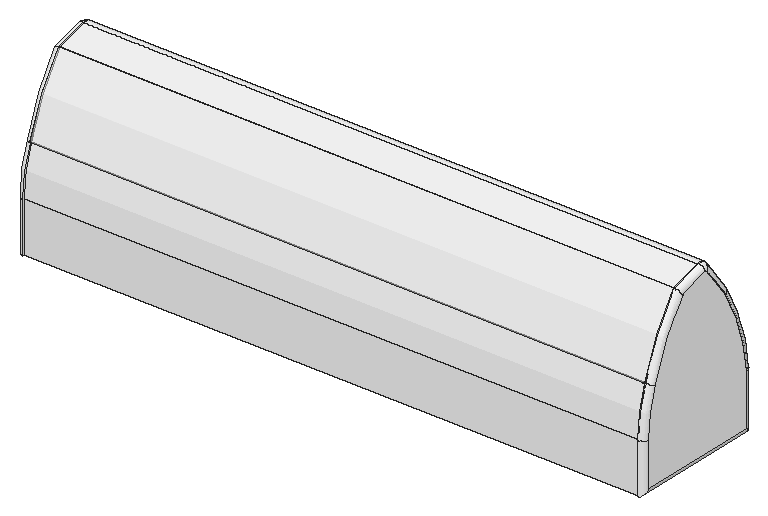
Revit family "EBL", category Lighting Fixtures, host Face, Revit 2021
Family settings
  Host = Face
  Round Connector Dimension = Use Diameter
  Part Type = Normal
  OmniClass Number = 23.80.70.11.11
  OmniClass Title = General Luminaries, Non Directional
  Cut with Voids When Loaded = No
  Light Source = Yes
  Shared = No
  Room Calculation Point = No
Parameters (values of type "EBL2")
  Width = 5.89"
  Wattage Comments = "19W"
  Wattage = 19 W
  Warranty Notes = ""
  Warranty = "• 5 year warranty. \r\nfactory for details"
  built-in parameter 1150110 = 1 (stored number, unit not read)
  URL = "https://www.currentlighting.com/lifeshield"
  Type Comments = "Light Fixture"  # constant formula
  built-in parameter 1114217 = 1 (stored number, unit not read)
  Tilt Angle = 60.00°
  built-in parameter 1150109 = 1 (stored number, unit not read)
  built-in parameter 1150134 = 3
  built-in parameter 1150113 = 1 (stored number, unit not read)
  Steel = Metal-Galvanized_Steel
  Radius = 3.35275"
  Product Page URL = ""
  Product Doucumentation Link = ""
  Photometric Web File = "EBL2-35-WH-120 Downlight Only.ies"
  Model = "Evexia"  # constant formula
  Manufacturer = "Lifeshield"  # constant formula
  built-in parameter 1150105 = -1519848 (stored number, unit not read)
  Lumens = 1919 lm
  built-in parameter 1150115 = 1 (stored number, unit not read)
  built-in parameter 1150137 = (empty or 0)
  built-in parameter 1150139 = (empty or 0)
  Length = 27.47"
  built-in parameter 1150112 = 1 (stored number, unit not read)
  built-in parameter 1150114 = 1 (stored number, unit not read)
  Lamp = "LED"  # constant formula
  Inner Width = 2.80"
  Inner Length = 1.80"
  built-in parameter 1150132 = (empty or 0)
  built-in parameter 1150102 = (empty or 0)
  built-in parameter 1150107 = 3200 (stored number, unit not read)
  built-in parameter 1150138 = (empty or 0)
  built-in parameter 1150106 = -15198.5 (stored number, unit not read)
  Emit from Rectangle Width = 5.00"  # constant formula
  Emit from Rectangle Length = Length  # 27.47"
  Emit Shape Visible in Rendering = no
  built-in parameter 1150104 = 9.3832 (stored number, unit not read)
  Dimming Lamp Color Temperature Shift = <None>
  Color Filter = 16777215
  Certification = "UL924 Damp Listed, NFPA 101 and NFPA 70"
  Glass = Glass - White
  Features = "Die-cast end-caps and extruded aluminum body provide durability.\r\nFour standard colors with anti-microbial compound additive that inhibits the growth of microbes.\r\nProvides ambient and reading illumination with optional night light.\r\nMultiple switching and control options."  # constant formula
  Description = "Evexia is designed to meet the ambient and reading lighting needs in patient rooms and assisted living facilities. The luminaire has a low profile that reduces the visual impact on the wall. The contoured shape, smooth surface and anti-microbial finish support infectious disease control efforts."  # constant formula
  Default Elevation = 48.00"
  Copyrights = "lifeshield"
  Contact Us = ""
  Body = Paint - Matte White
  built-in parameter 1114218 = 1 (stored number, unit not read)
  built-in parameter 1150133 = 10 (stored number, unit not read)
  Apparent Load = 19 VA
Types (4): name | Wattage Comments | Wattage | Warranty | Photometric Web File | built-in parameter 1150105 | Lumens | Length | built-in parameter 1150106 | Emit from Rectangle Length | Apparent Load
  (no name) | "19W" | 19 W | "• 5 year warranty. \r\nfactory for details" | "EBL2-35-WH-120 Downlight Only.ies" | -1519848 (stored number, unit not read) | 1919 lm | 27.47" | -15198.5 (stored number, unit not read) | 27.47" | 19 VA
  EBL2 | "19W" | 19 W | "• 5 year warranty. \r\nfactory for details" | "EBL2-35-WH-120 Downlight Only.ies" | -1519848 (stored number, unit not read) | 1919 lm | 27.47" | -15198.5 (stored number, unit not read) | 27.47" | 19 VA
  EBL3 | "19W" | 31 W | "• 5 years warranty.\r\nfactory for details" | "EBL3-35-WH-120 Downlight Only.ies" | 249.16 (stored number, unit not read) | 3131 lm | 38.50" | 2.4916 (stored number, unit not read) | 38.50" | 31 VA
  EBL4 | "37W" | 37 W | "• 5 year warranty\r\nfactory for details" | "EBL4-35-WH-120 Downlight Only.ies" | 297.38 (stored number, unit not read) | 3737 lm | 49.76" | 2.9738 (stored number, unit not read) | 49.76" | 37 VA
Reference planes (in)
  plane 1 "Center (Front/Back)": y = 0
  plane 2: z = 0
  plane 3 "Center (Left/Right)": x = 0
  plane 4: x = -13.735
  plane 5: x = 13.735
  plane 6: z = 7.91
  plane 7: y = 3
  plane 8: y = -3
Forms (in)
  Extrusion 1, solid, material "Paint - Matte White" <- "Body"
    sketch origin (0, 0, 0) x (0, 1, 0) y (0, 0, 1)
      loop
        line (3, 0) -> (3, 2.63335)
        arc (3, 2.63335) -> (2.5932, 4.54275) -> (1.77786, 6.3166) r 8.85442
        arc (1.77786, 6.3166) -> (1.26078, 7.08297) -> (0.66662, 7.79125) r 8.85442
        arc (0.66662, 7.79125) -> (0.5126, 7.84986) -> (0.34783, 7.84746) r 0.43838
        arc (0.34783, 7.84746) -> (-0.3357, 7.67915) -> (-1.00455, 7.45967) r 9.31037
        arc (-1.00455, 7.45967) -> (-1.95077, 5.97772) -> (-2.59352, 4.34115) r 9.07707
        arc (-2.59352, 4.34115) -> (-2.89744, 3.31515) -> (-3, 2.25) r 5.58226
        line (-3, 2.25) -> (-3, 0) -> (3, 0)
    from -13.735 to 13.735
  Extrusion 2, solid, material "Glass - White" <- "Glass"
    sketch origin (0, 0, 0) x (0, 1, 0) y (0, 0, 1)
      loop
        arc (-1.00455, 7.45967) -> (-1.01823, 7.48275) -> (-1.04389, 7.49054) r 0.03703
        arc (-1.04389, 7.49054) -> (-1.99532, 6.00042) -> (-2.64161, 4.35484) r 9.12707
        arc (-2.64161, 4.35484) -> (-2.61948, 4.34126) -> (-2.59352, 4.34115) r 0.04815
        arc (-2.59352, 4.34115) -> (-1.95077, 5.97772) -> (-1.00455, 7.45967) r 9.07707
    from -13.735 to 13.735
Dimensions and locks (in)
  plane 6 to level = 7.91"
  "Length": plane 4 to plane 5
  equal spacing: plane 4, plane 3 "Center (Left/Right)", plane 5
  aligned and locked: plane 2 to host face
  aligned and locked: level to host face
  aligned and locked: plane 1 "Center (Front/Back)" to nested 1
  aligned and locked: plane 4 to nested 1
  aligned and locked: plane 5 to nested 2
  aligned and locked: plane 5 to Extrusion 1
  aligned and locked: Extrusion 1 to plane 4
  aligned and locked: Extrusion 2 to plane 4
  aligned and locked: plane 5 to Extrusion 2
Automatic sketch dimensions
  host sketch curve to host sketch curve = 96.00"  (x2)
  Extrusion 1 sketch curve to Extrusion 1 sketch curve = 0.00"  (x3)
  Extrusion 1 sketch curve to plane 8 = 0.00"
  Extrusion 1 sketch curve to plane 7 = 0.00"
  Extrusion 1 sketch curve to level = 0.00"
  level to Extrusion 1 sketch curve = 1.75425"
  plane 8 to Extrusion 1 sketch curve = 2.81067"
  Extrusion 1 sketch curve to plane 1 "Center (Front/Back)" = 0.43648"
  plane 7 to Extrusion 1 sketch curve = 0.76941"
  plane 7 to Extrusion 1 sketch curve = 0.41774"
  level to Extrusion 1 sketch curve = 1.85682"
  Extrusion 1 sketch curve to plane 7 = 3.13696"
  Extrusion 1 sketch curve to level = 1.27055"
  Extrusion 1 sketch curve to Extrusion 1 sketch curve = 2.25"
  Extrusion 1 sketch curve to Extrusion 1 sketch curve = 0.38335"
  Extrusion 1 sketch curve to plane 6 = 0.49186"
  Extrusion 1 sketch curve to plane 8 = 0.40648"
  Extrusion 1 sketch curve to plane 6 = 0.45033"
  plane 7 to Extrusion 1 sketch curve = 1.22214"
  Extrusion 2 sketch curve to Extrusion 2 sketch curve = 0.00"  (x2)
  Extrusion 2 sketch curve to plane 8 = 0.3937"
  Extrusion 2 sketch curve to plane 6 = 0.45639"
  plane 1 "Center (Front/Back)" to Extrusion 2 sketch curve = 1.04109"
  level to Extrusion 2 sketch curve = 1.85682"
  Extrusion 2 sketch curve to plane 7 = 3.13696"
  Extrusion 2 sketch curve to Extrusion 2 sketch curve = 3.06604"
  Extrusion 2 sketch curve to Extrusion 2 sketch curve = 0.03531"
  Extrusion 2 sketch curve to Extrusion 2 sketch curve = 0.01278"
  Extrusion 2 sketch curve to Extrusion 2 sketch curve = 0.00281"
  Extrusion 2 sketch curve to Extrusion 2 sketch curve = 0.03653"
Nested families (in)
  nested 1: "Family1" at (-0.72316, 0, 0), type "Family1"
  nested 2: "Family1" at (0.72316, 0, 0) x (-1, 0, 0) z (0, 0, 1), type "Family1"
Connectors (in)
  electrical at (-13.735, -0.08953, 4.29328), driven by "Apparent Load"
    settings: on Extrusion 1, index 1, voltage 120 V, apparent load 19 VA, apparent load phase1 0 VA, apparent load phase2 0 VA, apparent load phase3 0 VA, power factor 0.9, load classification "Other", number of poles 1, system type 30, power factor state 1, is connector primary yes, connector utility no, sub classification motor no, connector description "Lighting Connector"
Definition of nested family "Family1"
  Parameters
    Default Elevation = 0.00"
    Body = none
  Reference planes (in)
    plane 1 "Center (Front/Back)": y = 0
    plane 2: z = 0
    plane 3 "Center (Left/Right)": x = 0
  Forms (in)
    Sweep 1, solid, material <- "Body"
      path in 3D
        loop
          arc (-13.28822, 0.64388, 7.79125) -> (-13.28822, 0.48986, 7.84986) -> (-13.28822, 0.32509, 7.84746) r 0.43838
          arc (-13.28822, 0.32509, 7.84746) -> (-13.28822, -0.35844, 7.67915) -> (-13.28822, -1.0273, 7.45967) r 9.31037
          arc (-13.28822, -1.0273, 7.45967) -> (-13.28822, -1.97351, 5.97772) -> (-13.28822, -2.61626, 4.34115) r 9.07707
          arc (-13.28822, -2.61626, 4.34115) -> (-13.28822, -2.92018, 3.31515) -> (-13.28822, -3.02274, 2.25) r 5.58226
          line (-13.28822, -3.02274, 2.25) -> (-13.28822, -3.02274, 0) -> (-13.28822, 2.97726, 0) -> (-13.28822, 2.97726, 2.63335)
          arc (-13.28822, 2.97726, 2.63335) -> (-13.28822, 2.57046, 4.54275) -> (-13.28822, 1.75511, 6.3166) r 8.85442
          arc (-13.28822, 1.75511, 6.3166) -> (-13.28822, 1.23804, 7.08297) -> (-13.28822, 0.64388, 7.79125) r 8.85442
      profile origin (-13.28822, 1.23804, 7.08297) x (0, 0.798636, 0.601815) y (-1, 0, 0)
        loop
          line (-0.27638, 0) -> (-0.27638, -0.27638) -> (0, -0.27638)
          arc (0, -0.27638) -> (-0.08095, -0.08095) -> (-0.27638, 0) r 0.27638
    Extrusion 2, solid, material <- "Body"
      sketch origin (1.71178, -0.02721, 0) x (0, 1, 0) y (0, 0, 1)
        loop
          arc (2.72809, 2.61949) -> (2.3332, 4.46219) -> (1.54546, 6.17419) r 8.57804
          arc (1.54546, 6.17419) -> (1.06743, 6.88611) -> (0.52071, 7.54674) r 8.57804
          arc (0.52071, 7.54674) -> (0.47482, 7.57626) -> (0.42033, 7.57929) r 0.10697
          arc (0.42033, 7.57929) -> (-0.21148, 7.42585) -> (-0.83061, 7.22737) r 9.03399
          arc (-0.83061, 7.22737) -> (-1.72104, 5.81076) -> (-2.32727, 4.25123) r 8.80069
          arc (-2.32727, 4.25123) -> (-2.62026, 3.26962) -> (-2.71915, 2.25) r 5.30588
          line (-2.71915, 2.25) -> (-2.71915, 0.27638) -> (2.72809, 0.27638) -> (2.72809, 2.61949)
      from -15 to -14.72362
  Lines and regions (in)
    sketch lines
      curve 1: arc (-13.28822, 1.75511, 6.3166) -> (-13.28822, 1.23804, 7.08297) -> (-13.28822, 0.64388, 7.79125) r 8.85442
      curve 2: arc (-13.28822, 2.97726, 2.63335) -> (-13.28822, 2.57046, 4.54275) -> (-13.28822, 1.75511, 6.3166) r 8.85442
      curve 3: line (-13.28822, 2.97726, 2.63335) -> (-13.28822, 2.97726, 0)
      curve 4: line (-13.28822, 2.97726, 0) -> (-13.28822, -3.02274, 0)
      curve 5: line (-13.28822, -3.02274, 0) -> (-13.28822, -3.02274, 2.25)
      curve 6: arc (-13.28822, -2.61626, 4.34115) -> (-13.28822, -2.92018, 3.31515) -> (-13.28822, -3.02274, 2.25) r 5.58226
      curve 7: arc (-13.28822, 0.32509, 7.84746) -> (-13.28822, -0.35844, 7.67915) -> (-13.28822, -1.0273, 7.45967) r 9.31037
      curve 8: arc (-13.28822, 0.64388, 7.79125) -> (-13.28822, 0.48986, 7.84986) -> (-13.28822, 0.32509, 7.84746) r 0.43838
      curve 9: arc (-13.28822, -1.0273, 7.45967) -> (-13.28822, -1.97351, 5.97772) -> (-13.28822, -2.61626, 4.34115) r 9.07707
  Dimensions and locks (in)
    aligned and locked: level to plane 2
    aligned and locked: Sweep 1 to Extrusion 2  (x2)
